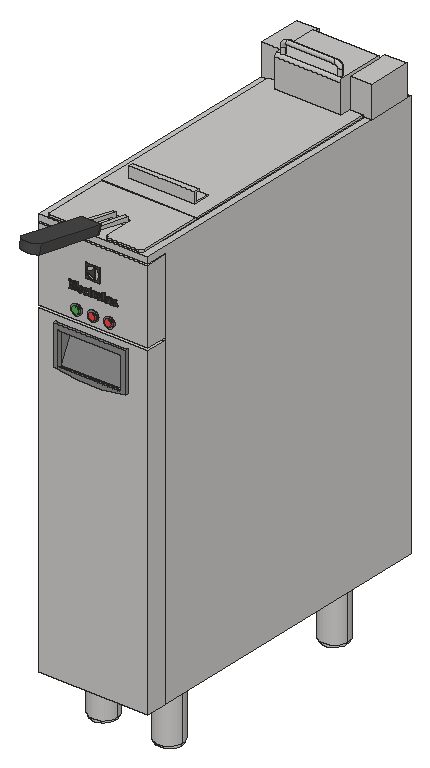
Revit family "QF_ELECTROLUXPROFESSIONAL_285563_EXFREB1BWF", category Specialty Equipment, Revit 2018
Family settings
  Round Connector Dimension = Use Diameter
  Part Type = Normal
  Work Plane-Based = No
  Always vertical = Yes
  Cut with Voids When Loaded = No
  Shared = No
  Room Calculation Point = No
Parameters
  Weight = 0.00 kg
  Watts = 0 W
  Volts = 380 V
  URL Manufacturer = "http://professional.electrolux.com/"
  URL = "http://professional.electrolux.com/"
  Steam Supply Size = 0"
  Steam Supply Minimum Pressure = 0.00 psi
  Steam Supply Maximum Pressure = 0.00 psi
  Steam Pounds per Hour = 0
  Show Logo [instance] = yes
  Show Clearance [instance] = yes
  Refrigeration Suction Line Size = 0"
  Refrigeration Liquid Line Size = 0"
  Refrigerant Compressor Remote = yes
  Phase = 0
  Model = "EXFREB1BWF"
  Manufacturer = "Electrolux"
  Length Actual = 200 mm  # constant formula
  Item Number = "285563"
  Hot Water Size = 0"
  Height Actual = 930 mm  # constant formula
  HP = "9.9 HP"
  Gas Size = 0"
  Gas KW = 0
  Gas Input Pressure = 0.0 Btu/h
  Direct Waste Size = 0"
  Description = "9LT EL.FRYER-1WELL+1BASKET-415V"
  Depth Actual = 600 mm  # constant formula
  Cycle = 0 Hz
  Condensate Return Size = 0"
  Compressed Air Volume = 0 GPM
  Compressed Air Size = 0"
  Compressed Air Pressure = 0.00 psi
  Cold Water Size = 0"
  Accessory = yes
Reference planes
  plane 1 "BACK": y = 0
  plane 2: z = 0
  plane 3 "LEFT": x = 0
  plane 4 "RIGHT": x = 200
  plane 5 "FRONT": y = -600
  plane 6 "TOP": z = 907
  plane 7 "Center Y": x = 100
  plane 8 "Center X": y = -300
  plane 9 "TOP A": z = 850
  plane 10: z = 100
  plane 11: y = -124
  plane 12: y = -501
  plane 13: y = -943
  plane 14: x = 160
  plane 15: x = 40
  plane 16: z = 915.999
  plane 17: z = 935
  plane 18: x = 155
  plane 19: y = -781
  plane 20: y = -755
  plane 21: y = 95
  plane 22: z = 700
  plane 23: x = 40
  plane 24: z = 935
Forms (mm)
  Extrusion 1, solid, material "QF_Finishes_Stainless Steel"
    sketch origin (0, 0, 0) x (0, 1, 0) y (0, 0, 1)
      loop
        line (0, 850) -> (-600, 850) -> (-600, 838.077) -> (-560.15, 838.077) -> (-560.15, 100) -> (0, 100) -> (0, 850)
      loop
        line (-600, 695) -> (-600, 100) -> (-561.737, 100) -> (-561.737, 695) -> (-600, 695)
      loop
        line (-561.737, 700) -> (-561.737, 835) -> (-600, 835) -> (-600, 700) -> (-561.737, 700)
    from 0 to 200
  Extrusion 2, void
    sketch origin (0, 0, 850) x (-1, 0, 0) y (0, -1, 0)
      loop
        line (-10.5, 88.124) -> (-10.5, 550.573) -> (-189.691, 550.573) -> (-189.691, 88.124) -> (-10.5, 88.124)
    from 0 to -150
  Extrusion 3, solid, material "QF_Clearances", visible <- "Show Clearance", detail levels coarse
    sketch origin (0, 0, 0) x (1, 0, 0) y (0, 1, 0)
      loop
        line (0, 0) -> (200, 0) -> (200, 95) -> (0, 95) -> (0, 0)
    from 0 to 907
  Extrusion 4, solid, material "QF_Door-Drawer Clearances", visible <- "Show Clearance", detail levels coarse
    sketch origin (0, 0, 850) x (-1, 0, 0) y (0, -1, 0)
      loop
        line (-190.5, 600) -> (-9.5, 600)
        arc (-9.5, 600) -> (-62.514, 727.986) -> (-190.5, 781) r 181
        line (-190.5, 781) -> (-190.5, 600)
    from -750 to -155
  Extrusion 5, solid, material "QF_Finishes_Stainless Steel"
    sketch origin (100, -139.304, 888.806) x (0, 1, 0) y (-1, 0, 0)
      loop
        line (49.304, 100) -> (49.304, 60) -> (129.304, 60) -> (129.304, 100) -> (49.304, 100)
      loop
        line (49.304, -100) -> (129.304, -100) -> (129.304, -60) -> (49.304, -60) -> (49.304, -100)
    from -38.806 to 18.194
  Revolve 6, solid, material "QF_Finishes_Stainless Steel"
    sketch origin (0, -501, 608.09) x (0, 0, 1) y (1, 0, 0)
      loop
        line (-608.09, 40) -> (-608.09, 17.609) -> (-603.09, 17.609) -> (-603.09, 15) -> (-508.09, 15) -> (-508.09, 40) -> (-608.09, 40)
      axis (-608.09, 40) -> (-508.09, 40)
    angle from 0 to 360
  Extrusion 7, solid, material "QF_Finishes_Stainless Steel"
    sketch origin (0, 600, 100) x (-1, 0, 0) y (0, 1, 0)
      loop
        circle (-155, -650) r 6.35
    from 0 to 8
  Revolve 8, solid, material "QF_Finishes_Stainless Steel"
    sketch origin (200, -501, 608.09) x (0, 0, 1) y (1, 0, 0)
      loop
        line (-608.09, -40) -> (-508.09, -40) -> (-508.09, -15) -> (-603.09, -15) -> (-603.09, -17.609) -> (-608.09, -17.609) -> (-608.09, -40)
      axis (-608.09, -40) -> (-508.09, -40)
    angle from 0 to 360
  Revolve 9, solid, material "QF_Finishes_Stainless Steel"
    sketch origin (0, -124, 608.09) x (0, 0, 1) y (-1, 0, 0)
      loop
        line (-608.09, -40) -> (-508.09, -40) -> (-508.09, -15) -> (-603.09, -15) -> (-603.09, -17.609) -> (-608.09, -17.609) -> (-608.09, -40)
      axis (-608.09, -40) -> (-508.09, -40)
    angle from 0 to 360
  Revolve 10, solid, material "QF_Finishes_Stainless Steel"
    sketch origin (200, -124, 608.09) x (0, 0, 1) y (-1, 0, 0)
      loop
        line (-608.09, 40) -> (-608.09, 17.609) -> (-603.09, 17.609) -> (-603.09, 15) -> (-508.09, 15) -> (-508.09, 40) -> (-608.09, 40)
      axis (-608.09, 40) -> (-508.09, 40)
    angle from 0 to 360
  Extrusion 11, void
    sketch origin (0, 0, 0) x (0, 1, 0) y (0, 0, 1)
      loop
        line (-600, 615) -> (-570, 675) -> (-600, 675) -> (-600, 615)
    from 40 to 155
  Extrusion 12, solid, material "QF_Finishes_grey"
    sketch origin (0, -600, 695) x (0, 0, -1) y (1, 0, 0)
      loop
        line (20, 40) -> (80, 40) -> (80, 155) -> (20, 155) -> (20, 40)
      loop
        line (10, 32) -> (82.581, 32)
        arc (82.581, 32) -> (90.011, 97.5) -> (82.581, 163) r 292.45
        line (82.581, 163) -> (10, 163) -> (10, 32)
    from 0 to 5
  Extrusion 13, solid, material "QF_Finishes_Red"
    sketch origin (39.327, -600, 649.266) x (0, 0, 1) y (-1, 0, 0)
      loop
        circle (68.272, -60.648) r 6.35
    from 0 to 3.175
  Extrusion 14, solid, material "QF_Finishes_grey"
    sketch origin (0, -600, 700) x (0, 0, 1) y (-1, 0, 0)
      loop
        circle (17.537, -99.975) r 6.35
      loop
        circle (17.537, -99.975) r 9.35
    from 0 to 1.394
  Extrusion 15, solid, material "QF_Finishes_Red"
    sketch origin (69.327, -600, 649.266) x (0, 0, 1) y (-1, 0, 0)
      loop
        circle (68.272, -60.648) r 6.35
    from 0 to 3.175
  Extrusion 16, solid, material "QF_Finishes_grey"
    sketch origin (30, -600, 700) x (0, 0, 1) y (-1, 0, 0)
      loop
        circle (17.537, -99.975) r 6.35
      loop
        circle (17.537, -99.975) r 9.35
    from 0 to 1.394
  Extrusion 17, solid, material "QF_Finishes_Green"
    sketch origin (9.327, -600, 649.266) x (0, 0, 1) y (-1, 0, 0)
      loop
        circle (68.272, -60.648) r 6.35
    from 0 to 3.175
  Extrusion 18, solid, material "QF_Finishes_grey"
    sketch origin (-30, -600, 700) x (0, 0, 1) y (-1, 0, 0)
      loop
        circle (17.537, -99.975) r 6.35
      loop
        circle (17.537, -99.975) r 9.35
    from 0 to 1.394
  Extrusion 19, solid, material "QF_Finishes_Black", visible <- "Show Logo"
    sketch origin (-109.987, -600, 729.585) x (0, 0, 1) y (-1, 0, 0)
      loop
        arc (33.355, -167.066) -> (33.007, -166.709) -> (32.64, -167.047) r 0.358
        arc (32.64, -167.047) -> (32.326, -167.797) -> (31.609, -168.182) r 1.216
        line (31.609, -168.182) -> (21.197, -168.182)
        arc (21.197, -168.182) -> (20.537, -167.904) -> (20.141, -167.308) r 1.238
        arc (20.141, -167.308) -> (19.746, -167.057) -> (19.44, -167.411) r 0.358
        line (19.44, -167.411) -> (19.44, -177.29) -> (22.191, -177.29) -> (22.191, -176.393)
        arc (22.191, -176.393) -> (21.282, -175.813) -> (20.827, -174.836) r 1.928
        line (20.827, -174.836) -> (20.827, -172.337)
        arc (20.827, -172.337) -> (21.102, -171.608) -> (21.791, -171.244) r 1.101
        line (21.791, -171.244) -> (25.877, -171.244) -> (25.877, -174.917)
        arc (25.877, -174.917) -> (25.525, -175.414) -> (24.959, -175.642) r 1.083
        arc (24.959, -175.642) -> (24.696, -175.948) -> (24.988, -176.226) r 0.292
        line (24.988, -176.226) -> (27.95, -176.226)
        arc (27.95, -176.226) -> (28.253, -175.953) -> (28.014, -175.623) r 0.305
        arc (28.014, -175.623) -> (27.524, -175.375) -> (27.219, -174.917) r 1.083
        line (27.219, -174.917) -> (27.219, -171.244) -> (31.896, -171.244) -> (31.896, -174.991)
        arc (31.896, -174.991) -> (31.682, -175.747) -> (31.075, -176.245) r 1.314
        arc (31.075, -176.245) -> (30.856, -176.649) -> (31.211, -176.941) r 0.361
        line (31.211, -176.941) -> (33.355, -176.941) -> (33.355, -167.066)
      loop
        arc (32.638, -177.722) -> (32.257, -178.641) -> (31.339, -179.021) r 1.299
        line (31.339, -179.021) -> (21.76, -179.021)
        arc (21.76, -179.021) -> (20.922, -178.643) -> (20.65, -177.765) r 1.118
        line (20.65, -177.765) -> (19.44, -177.765) -> (19.44, -183.115) -> (20.629, -183.115)
        arc (20.629, -183.115) -> (20.9, -182.198) -> (21.77, -181.802) r 1.153
        line (21.77, -181.802) -> (33.843, -181.802) -> (32.638, -177.722)
      loop
        line (24.405, -185.751) -> (24.405, -192.198) -> (25.204, -192.198)
        arc (25.204, -192.198) -> (27.785, -191.214) -> (29.053, -188.76) r 3.874
        line (29.053, -188.76) -> (29.053, -187)
        arc (29.053, -187) -> (27.867, -184.135) -> (25.002, -182.949) r 4.051
        line (25.002, -182.949) -> (22.994, -182.949)
        arc (22.994, -182.949) -> (20.176, -184.434) -> (19.124, -187.441) r 4.352
        arc (19.124, -187.441) -> (19.489, -189.904) -> (20.866, -191.978) r 5.713
        line (20.866, -191.978) -> (21.815, -191.978)
        arc (21.815, -191.978) -> (21.082, -190.409) -> (20.866, -188.691) r 5.579
        arc (20.866, -188.691) -> (21.66, -186.728) -> (23.539, -185.751) r 3.057
        line (23.539, -185.751) -> (24.405, -185.751)
      loop
        line (25.665, -185.751) -> (25.665, -189.333)
        arc (25.665, -189.333) -> (27.121, -189.38) -> (28.004, -188.221) r 1.59
        line (28.004, -188.221) -> (28.004, -187.391)
        arc (28.004, -187.391) -> (27.14, -186.136) -> (25.665, -185.751) r 2.184
      loop
        arc (28.455, -201.616) -> (28.944, -199.942) -> (29.102, -198.205) r 9.023
        line (29.102, -198.205) -> (29.102, -196.843)
        arc (29.102, -196.843) -> (27.942, -194.043) -> (25.143, -192.883) r 3.959
        line (25.143, -192.883) -> (22.543, -192.883)
        arc (22.543, -192.883) -> (20.261, -194.176) -> (19.143, -196.548) r 4.331
        line (19.143, -196.548) -> (19.143, -198.684)
        arc (19.143, -198.684) -> (19.652, -200.234) -> (20.573, -201.58) r 5.772
        arc (20.573, -201.58) -> (21.335, -201.631) -> (21.422, -200.872) r 0.553
        arc (21.422, -200.872) -> (21.034, -200.138) -> (20.9, -199.319) r 2.573
        line (20.9, -199.319) -> (20.9, -197.804)
        arc (20.9, -197.804) -> (21.906, -196.162) -> (23.72, -195.52) r 2.884
        line (23.72, -195.52) -> (24.999, -195.52)
        arc (24.999, -195.52) -> (26.82, -196.08) -> (27.747, -197.745) r 2.554
        line (27.747, -197.745) -> (27.747, -198.798)
        arc (27.747, -198.798) -> (27.415, -199.726) -> (26.758, -200.461) r 2.564
        arc (26.758, -200.461) -> (26.537, -201.178) -> (27.146, -201.616) r 0.643
        line (27.146, -201.616) -> (28.455, -201.616)
      loop
        line (27.437, -201.886) -> (27.437, -203.387) -> (21.389, -203.387)
        arc (21.389, -203.387) -> (19.801, -204.045) -> (19.143, -205.633) r 2.246
        line (19.143, -205.633) -> (19.143, -207.217)
        arc (19.143, -207.217) -> (19.457, -208.081) -> (19.958, -208.853) r 4.06
        arc (19.958, -208.853) -> (20.69, -208.986) -> (20.942, -208.285) r 0.576
        arc (20.942, -208.285) -> (20.836, -207.759) -> (20.9, -207.227) r 1.69
        arc (20.9, -207.227) -> (21.441, -206.439) -> (22.348, -206.136) r 1.506
        line (22.348, -206.136) -> (27.486, -206.136) -> (27.486, -208.533) -> (28.042, -209.089) -> (28.864, -209.089) -> (28.864, -206.23) -> (32.095, -206.23) -> (27.437, -201.886)
      loop
        line (19.361, -209.987) -> (19.361, -215.374) -> (20.471, -215.374)
        arc (20.471, -215.374) -> (20.865, -214.423) -> (21.816, -214.029) r 1.345
        line (21.816, -214.029) -> (25.432, -214.029)
        arc (25.432, -214.029) -> (26.197, -214.621) -> (26.486, -215.543) r 1.615
        line (26.486, -215.543) -> (26.486, -217.099) -> (29.042, -217.784) -> (29.042, -216.401) -> (27.099, -213.842) -> (28.98, -213.842) -> (28.695, -211.136)
        arc (28.695, -211.136) -> (28.256, -210.606) -> (27.597, -210.807) r 0.621
        arc (27.597, -210.807) -> (27.197, -211.149) -> (26.703, -211.332) r 1.501
        line (26.703, -211.332) -> (21.816, -211.332)
        arc (21.816, -211.332) -> (20.865, -210.938) -> (20.471, -209.987) r 1.345
        line (20.471, -209.987) -> (19.361, -209.987)
      loop
        line (25.463, -217.321) -> (22.771, -217.321)
        arc (22.771, -217.321) -> (20.325, -218.629) -> (19.191, -221.159) r 4.288
        arc (19.191, -221.159) -> (19.128, -222.54) -> (19.191, -223.92) r 15.022
        arc (19.191, -223.92) -> (20.325, -226.451) -> (22.771, -227.758) r 4.288
        line (22.771, -227.758) -> (25.463, -227.758)
        arc (25.463, -227.758) -> (27.908, -226.451) -> (29.042, -223.92) r 4.288
        arc (29.042, -223.92) -> (29.106, -222.54) -> (29.042, -221.159) r 15.022
        arc (29.042, -221.159) -> (27.908, -218.629) -> (25.463, -217.321) r 4.288
      loop
        line (25.668, -220.435) -> (22.566, -220.435)
        arc (22.566, -220.435) -> (20.409, -222.592) -> (22.566, -224.749) r 2.157
        line (22.566, -224.749) -> (25.668, -224.749)
        arc (25.668, -224.749) -> (27.824, -222.592) -> (25.668, -220.435) r 2.157
      loop
        arc (32.648, -227.616) -> (32.278, -228.51) -> (31.384, -228.881) r 1.264
        line (31.384, -228.881) -> (21.52, -228.881)
        arc (21.52, -228.881) -> (20.65, -228.484) -> (20.378, -227.568) r 1.153
        line (20.378, -227.568) -> (19.44, -227.568) -> (19.44, -232.676) -> (20.369, -232.676)
        arc (20.369, -232.676) -> (20.728, -231.904) -> (21.52, -231.589) r 1.153
        line (21.52, -231.589) -> (33.843, -231.589) -> (32.648, -227.616)
      loop
        arc (27.769, -232.214) -> (27.569, -233.278) -> (26.6, -233.76) r 1.215
        line (26.6, -233.76) -> (21.58, -233.76)
        arc (21.58, -233.76) -> (19.966, -234.407) -> (19.245, -235.99) r 2.338
        line (19.245, -235.99) -> (19.245, -237.505)
        arc (19.245, -237.505) -> (19.419, -238.509) -> (19.922, -239.395) r 2.979
        line (19.922, -239.395) -> (19.44, -241.192) -> (19.44, -242.88) -> (28.866, -242.88) -> (28.572, -238.677) -> (27.786, -238.677)
        arc (27.786, -238.677) -> (27.43, -239.513) -> (26.678, -240.022) r 1.605
        line (26.678, -240.022) -> (21.575, -240.022)
        arc (21.575, -240.022) -> (21.154, -239.085) -> (21.082, -238.061) r 2.94
        arc (21.082, -238.061) -> (21.643, -236.96) -> (22.796, -236.517) r 1.724
        line (22.796, -236.517) -> (28.992, -236.517) -> (27.769, -232.214)
      loop
        line (28.797, -243.734) -> (27.125, -245.78) -> (23.951, -248.086) -> (20.494, -244.974)
        arc (20.494, -244.974) -> (20.257, -244.58) -> (20.28, -244.121) r 0.789
        line (20.28, -244.121) -> (19.44, -244.121) -> (19.44, -247.666) -> (20.267, -247.666)
        arc (20.267, -247.666) -> (20.609, -247.304) -> (21.099, -247.396) r 0.52
        line (21.099, -247.396) -> (22.899, -248.867) -> (20.781, -250.243)
        arc (20.781, -250.243) -> (20.38, -249.933) -> (20.293, -249.433) r 0.7
        line (20.293, -249.433) -> (19.44, -249.433) -> (19.44, -255.36) -> (20.327, -255.36)
        arc (20.327, -255.36) -> (20.394, -254.701) -> (20.789, -254.17) r 1.247
        line (20.789, -254.17) -> (24.989, -250.889) -> (27.436, -252.942) -> (28.797, -254.684) -> (28.797, -250.96) -> (27.312, -251.383) -> (25.79, -250.106) -> (27.491, -248.916) -> (28.797, -249.692) -> (28.797, -243.734)
      loop
        line (70.086, -213.413) -> (47.032, -213.413)
        arc (47.032, -213.413) -> (58.559, -221.935) -> (70.086, -213.413) r 12.057
      loop
        arc (70.086, -212.24) -> (67.907, -202.653) -> (59.227, -198.033) r 11.816
        line (59.227, -198.033) -> (59.227, -201.847)
        arc (59.227, -201.847) -> (61.993, -208.661) -> (68.417, -212.24) r 11.075
        line (68.417, -212.24) -> (70.086, -212.24)
      loop
        arc (48.441, -212.24) -> (54.864, -208.661) -> (57.63, -201.847) r 11.075
        line (57.63, -201.847) -> (57.63, -198.058)
        arc (57.63, -198.058) -> (49.006, -202.72) -> (46.669, -212.24) r 12.096
        line (46.669, -212.24) -> (48.441, -212.24)
      loop
        line (71.344, -197.158) -> (45.722, -197.158) -> (45.722, -222.815) -> (71.344, -222.815) -> (71.344, -197.158)
    from 0 to 1.644
  Sweep 20, solid, material "QF_Finishes_Stainless Steel"
    path origin (-1.25, 52.5, 0) x (1, 0, 0) y (0, 0, 1)
      loop
        line (51.187, 910.561) -> (51.187, 921.65)
        arc (51.187, 921.65) -> (53.047, 926.14) -> (57.537, 928) r 6.35
        line (57.537, 928) -> (145.725, 928)
        arc (145.725, 928) -> (149.508, 926.433) -> (151.075, 922.65) r 5.35
        line (151.075, 922.65) -> (151.075, 910.561)
    profile origin (49.937, 52.5, 916.105) x (-1, 0, 0) y (0, -1, 0)
      loop
        circle (2.09, 153.254) r 3.827
  Extrusion 21, solid, material "QF_Finishes_Stainless Steel"
    sketch origin (0, 65, 0) x (0, 1, 0) y (0, 0, 1)
      loop
        line (-88.124, 910.561) -> (-170, 910.561)
        arc (-170, 910.561) -> (-173.536, 909.096) -> (-175, 905.561) r 5
        line (-175, 905.561) -> (-175, 850) -> (-88.124, 850) -> (-88.124, 910.561)
    from 40 to 160
  Extrusion 22, solid, material "QF_Finishes_Mesh"
    sketch origin (178.262, -64.779, 844.25) x (-1, 0, 0) y (0, -1, 0)
      loop
        arc (123.4, 118.481) -> (141.36, 125.92) -> (148.8, 143.881) r 25.4
        line (148.8, 143.881) -> (148.8, 376.11)
        arc (148.8, 376.11) -> (141.36, 394.071) -> (123.4, 401.51) r 25.4
        line (123.4, 401.51) -> (33.125, 401.51)
        arc (33.125, 401.51) -> (15.164, 394.071) -> (7.725, 376.11) r 25.4
        line (7.725, 376.11) -> (7.725, 143.881)
        arc (7.725, 143.881) -> (15.164, 125.92) -> (33.125, 118.481) r 25.4
        line (33.125, 118.481) -> (123.4, 118.481)
      loop
        arc (123.4, 121.656) -> (139.115, 128.165) -> (145.625, 143.881) r 22.225
        line (145.625, 143.881) -> (145.625, 376.11)
        arc (145.625, 376.11) -> (139.115, 391.826) -> (123.4, 398.335) r 22.225
        line (123.4, 398.335) -> (33.125, 398.335)
        arc (33.125, 398.335) -> (17.409, 391.826) -> (10.9, 376.11) r 22.225
        line (10.9, 376.11) -> (10.9, 143.881)
        arc (10.9, 143.881) -> (17.409, 128.165) -> (33.125, 121.656) r 22.225
        line (33.125, 121.656) -> (123.4, 121.656)
    from -109 to -5.315
  Extrusion 23, solid, material "QF_Finishes_Black"
    sketch origin (234.175, -818.725, 918.681) x (0, 0.980628, -0.195878) y (-1, 0, 0)
      loop
        arc (79.035, 152.655) -> (68.808, 134.038) -> (79.035, 115.42) r 22.059
        line (79.035, 115.42) -> (214.834, 115.42)
        arc (214.834, 115.42) -> (217.308, 116.446) -> (218.334, 118.92) r 3.5
        line (218.334, 118.92) -> (218.334, 149.146)
        arc (218.334, 149.146) -> (217.306, 151.628) -> (214.824, 152.655) r 3.509
        line (214.824, 152.655) -> (79.035, 152.655)
    from -15.884 to 0
  Extrusion 24, solid, material "QF_Finishes_Stainless Steel"
    sketch origin (0, 0, 850) x (0, -1, 0) y (1, 0, 0)
      loop
        arc (90, 18.5) -> (91.464, 14.964) -> (95, 13.5) r 5
        line (95, 13.5) -> (472, 13.5) -> (472, 186.691) -> (95, 186.691)
        arc (95, 186.691) -> (91.464, 185.227) -> (90, 181.691) r 5
        line (90, 181.691) -> (90, 165)
        arc (90, 165) -> (91.464, 161.464) -> (95, 160) r 5
        line (95, 160) -> (110, 160) -> (110, 40) -> (95, 40)
        arc (95, 40) -> (91.464, 38.536) -> (90, 35) r 5
        line (90, 35) -> (90, 18.5)
      loop
        line (473, 186.691) -> (473, 13.5) -> (592, 13.5)
        arc (592, 13.5) -> (595.536, 14.964) -> (597, 18.5) r 5
        line (597, 18.5) -> (597, 75.55)
        arc (597, 75.55) -> (595.536, 79.086) -> (592, 80.55) r 5
        line (592, 80.55) -> (543.238, 80.55)
        arc (543.238, 80.55) -> (539.703, 82.014) -> (538.238, 85.55) r 5
        line (538.238, 85.55) -> (538.238, 114.641)
        arc (538.238, 114.641) -> (539.703, 118.177) -> (543.238, 119.641) r 5
        line (543.238, 119.641) -> (592, 119.641)
        arc (592, 119.641) -> (595.536, 121.106) -> (597, 124.641) r 5
        line (597, 124.641) -> (597, 181.691)
        arc (597, 181.691) -> (595.536, 185.227) -> (592, 186.691) r 5
        line (592, 186.691) -> (473, 186.691)
    from 0 to 3
  Extrusion 25, solid, material "QF_Finishes_Stainless Steel"
    sketch origin (166.074, -30.154, 119.93) x (0, 0.984808, 0.173648) y (0, -0.173648, 0.984808)
      loop
        line (-380.327, 769.003) -> (-372.194, 815.127) -> (-436.107, 840.041) -> (-438.413, 834.124) -> (-379.351, 811.102) -> (-387.692, 763.803) -> (-308.907, 749.911) -> (-307.796, 756.214) -> (-380.327, 769.003)
    from -80.476 to -74.619
  Extrusion 26, solid, material "QF_Finishes_Stainless Steel"
    sketch origin (34.2, -30.154, 119.93) x (0, 0.984808, 0.173648) y (0, 0.173648, -0.984808)
      loop
        line (-372.194, -815.127) -> (-380.327, -769.003) -> (-307.796, -756.214) -> (-308.907, -749.911) -> (-387.692, -763.803) -> (-379.351, -811.102) -> (-438.413, -834.124) -> (-436.107, -840.041) -> (-372.194, -815.127)
    from -80.476 to -74.619
  Extrusion 27, solid, material "QF_Finishes_Stainless Steel"
    sketch origin (13.5, -88.124, 850) x (0, -1, 0) y (0, 0, 1)
      loop
        line (354.876, 3) -> (354.876, 23) -> (346.126, 23) -> (346.126, 20) -> (351.876, 20) -> (351.876, 5) -> (324.876, 5) -> (324.876, 3) -> (354.876, 3)
    from -26.5 to -146.5
Cuts and joins
  Extrusion 2, Extrusion 11 cuts Extrusion 1
  Extrusion 11 cuts Extrusion 4
Lines and regions (mm)
  symbolic lines, style "QF_Clearances", visible <- "Show Clearance", detail levels coarse
    curve 1: line (200, 95, 850) -> (0, 95, 850)
  symbolic lines
    curve 2: line (0, -600, 850) -> (0, 0, 850)
    curve 3: line (190.5, -90, 850) -> (190.5, -600, 850)
    curve 4: line (11.548, -90, 850) -> (11.548, -597, 850)
    curve 5: line (11.548, -597, 850) -> (75.55, -597, 850)
    curve 6: line (124.641, -597, 850) -> (188.452, -597, 850)
    curve 7: line (188.452, -597, 850) -> (188.452, -90, 850)
    curve 8: line (200, -90, 850) -> (160, -90, 850)
    curve 9: line (200, -600, 850) -> (0, -600, 850)
    curve 11: line (40, -23.124, 850) -> (40, -110, 850)
    curve 12: line (40, -110, 850) -> (160, -110, 850)
    curve 13: line (160, -110, 850) -> (160, -23.124, 850)
    curve 14: line (40, -23.124, 850) -> (160, -23.124, 850)
    curve 15: line (40, -88.124, 850) -> (160, -88.124, 850)
    curve 16: line (40, -90, 850) -> (0, -90, 850)
    curve 17: line (0, 0, 850) -> (200, 0, 850)
    curve 19: line (47.824, -96.927, 850) -> (151.941, -96.927, 850)
    curve 20: line (151.941, -104.585, 850) -> (47.824, -104.585, 850)
    curve 21: arc (151.941, -96.927, 850) -> (155.77, -100.756, 850) -> (151.941, -104.585, 850) r 3.829
    curve 22: arc (47.824, -96.927, 850) -> (43.995, -100.756, 850) -> (47.824, -104.585, 850) r 3.829
    curve 23: line (40, -23.124, 0) -> (40, -10, 0)
    curve 24: line (40, -10, 0) -> (0, -10, 0)
    curve 25: line (0, -10, 0) -> (0, -90, 0)
    curve 26: line (160, -23.124, 0) -> (160, -10, 0)
    curve 27: line (160, -10, 0) -> (200, -10, 0)
    curve 28: line (200, 0, 0) -> (200, -600, 0)
    curve 29: arc (119.641, -592, 0) -> (121.106, -595.536, 0) -> (124.641, -597, 0) r 5
    curve 30: line (119.641, -543.238, 0) -> (119.641, -592, 0)
    curve 31: arc (114.641, -538.238, 0) -> (118.177, -539.703, 0) -> (119.641, -543.238, 0) r 5
    curve 32: line (85.55, -538.238, 0) -> (114.641, -538.238, 0)
    curve 33: arc (80.55, -543.238, 0) -> (82.014, -539.703, 0) -> (85.55, -538.238, 0) r 5
    curve 34: line (80.55, -592, 0) -> (80.55, -543.238, 0)
    curve 35: arc (75.55, -597, 0) -> (79.086, -595.536, 0) -> (80.55, -592, 0) r 5
    curve 36: line (81.52, -608.062, 0) -> (81.52, -744.332, 0)
    curve 37: spline (85.029, -604.621, 0) -> (84.571, -604.65, 0) -> (84.121, -604.738, 0) -> (83.686, -604.883, 0) -> (83.274, -605.082, 0) -> (82.893, -605.332, 0) -> (82.547, -605.628, 0) -> (82.245, -605.967, 0) -> (81.99, -606.341, 0) -> (81.787, -606.745, 0) -> (81.639, -607.171, 0) -> (81.55, -607.613, 0) -> (81.52, -608.062, 0)
    curve 38: line (115.255, -604.621, 0) -> (85.029, -604.621, 0)
    curve 39: spline (118.755, -608.053, 0) -> (118.725, -607.605, 0) -> (118.635, -607.164, 0) -> (118.488, -606.739, 0) -> (118.286, -606.337, 0) -> (118.031, -605.963, 0) -> (117.729, -605.626, 0) -> (117.385, -605.33, 0) -> (117.005, -605.08, 0) -> (116.594, -604.882, 0) -> (116.16, -604.738, 0) -> (115.711, -604.65, 0) -> (115.255, -604.621, 0)
    curve 40: line (118.755, -744.332, 0) -> (118.755, -608.053, 0)
    curve 41: spline (118.755, -744.332, 0) -> (116.522, -747.213, 0) -> (113.832, -749.688, 0) -> (110.758, -751.689, 0) -> (107.387, -753.16, 0) -> (103.814, -754.059, 0) -> (100.137, -754.361, 0) -> (96.461, -754.059, 0) -> (92.887, -753.16, 0) -> (89.516, -751.689, 0) -> (86.443, -749.688, 0) -> (83.752, -747.213, 0) -> (81.52, -744.332, 0)
    curve 42: line (13.5, -592, 0) -> (13.5, -473, 0)
    curve 43: line (13.5, -473, 0) -> (186.691, -473, 0)
    curve 44: line (186.691, -473, 0) -> (186.691, -592, 0)
    curve 45: arc (181.691, -597, 0) -> (185.227, -595.536, 0) -> (186.691, -592, 0) r 5
    curve 46: arc (13.5, -592, 0) -> (14.964, -595.536, 0) -> (18.5, -597, 0) r 5
    curve 47: line (13.5, -472, 0) -> (186.691, -472, 0)
    curve 48: line (186.691, -472, 0) -> (186.691, -95, 0)
    curve 49: line (13.5, -95, 0) -> (13.5, -472, 0)
    curve 50: arc (40, -95, 0) -> (38.536, -91.464, 0) -> (35, -90, 0) r 5
    curve 51: arc (18.5, -90, 0) -> (14.964, -91.464, 0) -> (13.5, -95, 0) r 5
    curve 52: arc (165, -90, 0) -> (161.464, -91.464, 0) -> (160, -95, 0) r 5
    curve 53: arc (186.691, -95, 0) -> (185.227, -91.464, 0) -> (181.691, -90, 0) r 5
    curve 54: line (63.625, -600, 0) -> (63.625, -603.175, 0)
    curve 55: line (63.625, -603.175, 0) -> (76.325, -603.175, 0)
    curve 56: line (76.325, -603.175, 0) -> (76.325, -600, 0)
    curve 57: line (106.325, -603.175, 0) -> (106.325, -600, 0)
    curve 58: line (106.325, -603.175, 0) -> (93.625, -603.175, 0)
    curve 59: line (91.456, -538.238, 0) -> (91.456, -604.621, 0)
    curve 60: line (108.819, -538.238, 0) -> (108.819, -604.621, 0)
    curve 61: line (114.676, -538.238, 0) -> (114.676, -604.621, 0)
    curve 62: line (85.599, -538.238, 0) -> (85.599, -604.621, 0)
    curve 63: line (93.625, -603.175, 0) -> (93.625, -600, 0)
    curve 64: line (136.325, -603.175, 0) -> (123.625, -603.175, 0)
    curve 65: line (123.625, -603.175, 0) -> (123.625, -600, 0)
    curve 66: line (136.325, -603.175, 0) -> (136.325, -600, 0)
    curve 67: line (45, -413, 0) -> (155, -413, 0)
    curve 68: line (40, -443, 0) -> (40, -418, 0)
    curve 69: line (160, -443, 0) -> (40, -443, 0)
    curve 70: line (160, -418, 0) -> (160, -443, 0)
    curve 71: line (45, -434.25, 0) -> (155, -434.25, 0)
    curve 72: arc (40, -418, 0) -> (41.464, -414.464, 0) -> (45, -413, 0) r 5
    curve 73: arc (155, -413, 0) -> (158.536, -414.464, 0) -> (160, -418, 0) r 5
    curve 74: arc (40, -439.25, 0) -> (41.464, -435.714, 0) -> (45, -434.25, 0) r 5
    curve 75: arc (160, -439.25, 0) -> (158.536, -435.714, 0) -> (155, -434.25, 0) r 5
  symbolic lines, style "QF_Door-Drawer Clearances"
    curve 10: line (190.5, -781, 850) -> (190.5, -600, 850)
    curve 18: arc (9.5, -600, 0) -> (62.514, -727.986, 0) -> (190.5, -781, 0) r 181
Dimensions and locks
  equal spacing: plane 3 "LEFT", plane 7 "Center Y", plane 4 "RIGHT"
  plane 3 "LEFT" to plane 4 "RIGHT" = 200 mm
  equal spacing: plane 5 "FRONT", plane 8 "Center X", plane 1 "BACK"
  plane 5 "FRONT" to plane 1 "BACK" = 600 mm  (x2)
  plane 1 "BACK" to plane 5 "FRONT" = 600 mm
  plane 10 to level = 100 mm  (x2)
  plane 1 "BACK" to plane 11 = 124 mm
  plane 11 to plane 12 = 377 mm
  locked: plane 12 to cut or joined group of Extrusion 1, Extrusion 2, Extrusion 11 at 99
  locked: plane 13 to plane 5 "FRONT" at 343
  plane 4 "RIGHT" to plane 14 = 40 mm
  plane 15 to plane 3 "LEFT" = 40 mm
  plane 16 to plane 9 "TOP A" = 65.999 mm
  plane 9 "TOP A" to plane 17 = 85 mm
  plane 4 "RIGHT" to plane 3 "LEFT" = 200 mm
  plane 9 "TOP A" to plane 10 = 750 mm
  plane 6 "TOP" to level = 907 mm
  Extrusion 7 sketch curve to plane 1 "BACK" = 50 mm
  Extrusion 7 sketch curve to plane 4 "RIGHT" = 45 mm
  plane 10 to Extrusion 7 = 8 mm  (x2)
  plane 18 to plane 4 "RIGHT" = 45 mm
  plane 1 "BACK" to Extrusion 7 = 50 mm
  plane 5 "FRONT" to plane 19 = 181 mm
  plane 5 "FRONT" to plane 20 = 155 mm
  curve 1 to plane 1 "BACK" = 95 mm
  plane 9 "TOP A" to Extrusion 3 = 850 mm
  Revolve 6 sketch curve to Revolve 6 sketch curve = 25 mm
  Revolve 8 sketch curve to Revolve 8 sketch curve = 25 mm
  Revolve 9 sketch curve to Revolve 9 sketch curve = 25 mm
  Revolve 10 sketch curve to Revolve 10 sketch curve = 25 mm
  plane 1 "BACK" to plane 20 = 755 mm
  aligned and locked: level to plane 2
  aligned and locked: plane 4 "RIGHT" to Extrusion 1
  aligned and locked: plane 6 "TOP" to Extrusion 3
  aligned and locked: plane 6 "TOP" to Extrusion 5
  aligned and locked: plane 12 to Revolve 6
  aligned and locked: Extrusion 3 sketch curve to plane 21
  aligned and locked: Extrusion 3 to plane 3 "LEFT"
  aligned and locked: plane 4 "RIGHT" to Extrusion 3
  aligned and locked: Extrusion 2 to Extrusion 1
  aligned and locked: cut or joined group of Extrusion 1, Extrusion 2, Extrusion 11 to Extrusion 4
  aligned and locked: plane 15 to Revolve 6 sketch curve
  aligned and locked: Extrusion 11 sketch curve to plane 5 "FRONT"
  aligned and locked: Extrusion 5 sketch curve to Extrusion 5 sketch curve  (x2)
Automatic sketch dimensions
  Revolve 6 sketch curve to level = 0 mm
  Revolve 6 sketch curve to plane 10 = 0 mm  (x2)
  plane 15 to Revolve 6 sketch curve = 0 mm
  level to Revolve 6 sketch curve = 5 mm
  Revolve 6 sketch curve to Revolve 6 sketch curve = 2.609 mm
  plane 10 to Revolve 6 sketch curve = 20 mm
  Revolve 8 sketch curve to level = 0 mm
  Revolve 8 sketch curve to plane 10 = 0 mm  (x2)
  plane 14 to Revolve 8 sketch curve = 0 mm  (x2)
  level to Revolve 8 sketch curve = 5 mm
  Revolve 8 sketch curve to Revolve 8 sketch curve = 2.609 mm
  plane 10 to Revolve 8 sketch curve = 20 mm
  Revolve 9 sketch curve to level = 0 mm
  Revolve 9 sketch curve to plane 10 = 0 mm  (x2)
  Revolve 9 sketch curve to plane 15 = 0 mm  (x2)
  level to Revolve 9 sketch curve = 5 mm
  Revolve 9 sketch curve to Revolve 9 sketch curve = 2.609 mm
  plane 10 to Revolve 9 sketch curve = 20 mm
  Revolve 10 sketch curve to level = 0 mm
  Revolve 10 sketch curve to plane 10 = 0 mm  (x2)
  Revolve 10 sketch curve to plane 14 = 0 mm  (x2)
  level to Revolve 10 sketch curve = 5 mm
  Revolve 10 sketch curve to Revolve 10 sketch curve = 2.609 mm
  plane 10 to Revolve 10 sketch curve = 20 mm
  plane 9 "TOP A" to Sweep 20 sketch curve = 60.561 mm  (x2)
  plane 16 to Sweep 20 sketch curve = 5.651 mm
  plane 15 to Sweep 20 sketch curve = 9.937 mm
  plane 17 to Sweep 20 sketch curve = 7 mm
  plane 18 to Sweep 20 sketch curve = 10.525 mm
  plane 18 to Sweep 20 sketch curve = 5.175 mm
  Sweep 20 sketch curve to profile plane = 2.09 mm
  profile plane to Sweep 20 sketch curve = 153.254 mm
  Extrusion 23 sketch curve to plane 7 "Center Y" = 18.48 mm
  Extrusion 23 sketch curve to Extrusion 23 sketch curve = 0 mm
  plane 7 "Center Y" to Extrusion 23 sketch curve = 0.137 mm
  Extrusion 23 sketch curve to Extrusion 23 sketch curve = 11.832 mm
  Extrusion 23 sketch curve to plane 7 "Center Y" = 14.971 mm
  Extrusion 23 sketch curve to Extrusion 23 sketch curve = 123.958 mm
  Extrusion 23 sketch curve to Extrusion 23 sketch curve = 3.5 mm
  Extrusion 1 sketch curve to plane 5 "FRONT" = 0 mm  (x3)
  Extrusion 1 sketch curve to plane 22 = 0 mm
  Extrusion 1 sketch curve to plane 10 = 0 mm  (x2)
  Extrusion 1 sketch curve to plane 1 "BACK" = 0 mm
  Extrusion 1 sketch curve to plane 9 "TOP A" = 0 mm
  Extrusion 1 sketch curve to plane 9 "TOP A" = 15 mm
  Extrusion 1 sketch curve to plane 5 "FRONT" = 38.263 mm
  Extrusion 1 sketch curve to Extrusion 1 sketch curve = 0 mm
  Extrusion 1 sketch curve to Extrusion 1 sketch curve = 1.588 mm
  Extrusion 1 sketch curve to plane 22 = 5 mm
  Extrusion 1 sketch curve to Extrusion 1 sketch curve = 3.077 mm
  Extrusion 2 sketch curve to plane 4 "RIGHT" = 10.309 mm
  plane 3 "LEFT" to Extrusion 2 sketch curve = 10.5 mm
  Extrusion 2 sketch curve to plane 11 = 35.876 mm
  Extrusion 2 sketch curve to plane 5 "FRONT" = 49.427 mm
  Extrusion 3 sketch curve to plane 3 "LEFT" = 0 mm
  Extrusion 3 sketch curve to plane 4 "RIGHT" = 0 mm
  plane 1 "BACK" to Extrusion 3 sketch curve = 0 mm
  Extrusion 4 sketch curve to plane 19 = 0 mm
  plane 5 "FRONT" to Extrusion 4 sketch curve = 0 mm
  Extrusion 4 sketch curve to plane 4 "RIGHT" = 9.5 mm
  Extrusion 5 sketch curve to plane 3 "LEFT" = 0 mm
  Extrusion 5 sketch curve to plane 14 = 0 mm
  Extrusion 5 sketch curve to plane 15 = 0 mm
  Extrusion 5 sketch curve to plane 4 "RIGHT" = 0 mm
  Extrusion 5 sketch curve to plane 11 = 34 mm
  plane 1 "BACK" to Extrusion 5 sketch curve = 10 mm
  Extrusion 1 to Extrusion 11 sketch curve = 8.263 mm
  Extrusion 1 to Extrusion 11 sketch curve = 80 mm
  Extrusion 1 to Extrusion 11 sketch curve = 20 mm
  Extrusion 1 to Extrusion 12 sketch curve = 97.5 mm
  Extrusion 12 sketch curve to Extrusion 1 = 202.439 mm
  Extrusion 1 to Extrusion 12 sketch curve = 10 mm
  Extrusion 12 sketch curve to Extrusion 12 sketch curve = 10 mm
  Extrusion 12 sketch curve to Extrusion 12 sketch curve = 60 mm
  Extrusion 12 sketch curve to Extrusion 12 sketch curve = 2.581 mm  (x2)
  Extrusion 1 to Extrusion 12 sketch curve = 40 mm
  Extrusion 12 sketch curve to Extrusion 12 sketch curve = 8 mm  (x2)
  Extrusion 13 sketch curve to plane 7 "Center Y" = 0.025 mm
  plane 22 to Extrusion 13 sketch curve = 17.537 mm
  Extrusion 14 sketch curve to Extrusion 14 sketch curve = 0 mm  (x12)
  Extrusion 1 to Extrusion 14 sketch curve = 17.537 mm
  Extrusion 1 to Extrusion 14 sketch curve = 99.975 mm
  Extrusion 14 sketch curve to Extrusion 14 sketch curve = 6.35 mm
  Extrusion 14 sketch curve to Extrusion 14 sketch curve = 3 mm
  plane 22 to Extrusion 15 sketch curve = 17.537 mm
  plane 18 to Extrusion 15 sketch curve = 25.025 mm
  Extrusion 16 sketch curve to Extrusion 16 sketch curve = 0 mm  (x12)
  Extrusion 1 to Extrusion 16 sketch curve = 17.537 mm
  Extrusion 1 to Extrusion 16 sketch curve = 70.025 mm
  Extrusion 16 sketch curve to Extrusion 16 sketch curve = 6.35 mm
  Extrusion 16 sketch curve to Extrusion 16 sketch curve = 3 mm
  plane 22 to Extrusion 17 sketch curve = 17.537 mm
  plane 15 to Extrusion 17 sketch curve = 29.975 mm
  Extrusion 18 sketch curve to Extrusion 18 sketch curve = 0 mm  (x12)
  Extrusion 1 to Extrusion 18 sketch curve = 17.537 mm
  Extrusion 1 to Extrusion 18 sketch curve = 69.975 mm
  Extrusion 18 sketch curve to Extrusion 18 sketch curve = 6.35 mm
  Extrusion 18 sketch curve to Extrusion 18 sketch curve = 3 mm
  Extrusion 19 sketch curve to plane 7 "Center Y" = 0 mm
  plane 7 "Center Y" to Extrusion 19 sketch curve = 12.553 mm
  plane 22 to Extrusion 19 sketch curve = 43.669 mm
  Extrusion 19 sketch curve to plane 7 "Center Y" = 4.354 mm
  Extrusion 19 sketch curve to Extrusion 19 sketch curve = 5.06 mm
  Extrusion 19 sketch curve to Extrusion 19 sketch curve = 0 mm  (x17)
  Extrusion 19 sketch curve to Extrusion 19 sketch curve = 5.162 mm
  Extrusion 19 sketch curve to Extrusion 19 sketch curve = 0.218 mm
  Extrusion 19 sketch curve to Extrusion 19 sketch curve = 0.195 mm
  Extrusion 19 sketch curve to Extrusion 19 sketch curve = 0.297 mm
  Extrusion 19 sketch curve to Extrusion 19 sketch curve = 5.357 mm
  Extrusion 19 sketch curve to Extrusion 19 sketch curve = 0.358 mm
  plane 18 to Extrusion 19 sketch curve = 25.592 mm
  Extrusion 19 sketch curve to Extrusion 19 sketch curve = 0.481 mm
  Extrusion 19 sketch curve to Extrusion 19 sketch curve = 0.936 mm
  Extrusion 19 sketch curve to Extrusion 19 sketch curve = 0.826 mm
  Extrusion 19 sketch curve to Extrusion 19 sketch curve = 0.839 mm
  Extrusion 19 sketch curve to Extrusion 19 sketch curve = 0.852 mm
  Extrusion 19 sketch curve to Extrusion 19 sketch curve = 0.887 mm
  Extrusion 19 sketch curve to Extrusion 19 sketch curve = 0.928 mm
  Extrusion 19 sketch curve to Extrusion 19 sketch curve = 0.938 mm
  Extrusion 19 sketch curve to Extrusion 19 sketch curve = 1.259 mm
  Extrusion 19 sketch curve to Extrusion 19 sketch curve = 1.11 mm  (x3)
  plane 18 to Extrusion 19 sketch curve = 20.013 mm
  Extrusion 19 sketch curve to Extrusion 19 sketch curve = 0.215 mm
  Extrusion 19 sketch curve to Extrusion 19 sketch curve = 1.188 mm
  Extrusion 19 sketch curve to Extrusion 19 sketch curve = 1.21 mm  (x2)
  Extrusion 19 sketch curve to Extrusion 19 sketch curve = 0.503 mm
  plane 18 to Extrusion 19 sketch curve = 14.744 mm
  Extrusion 19 sketch curve to Extrusion 19 sketch curve = 0.488 mm
  plane 18 to Extrusion 19 sketch curve = 10.817 mm
  Extrusion 19 sketch curve to Extrusion 19 sketch curve = 0.462 mm
  Extrusion 19 sketch curve to Extrusion 19 sketch curve = 1.029 mm
  Extrusion 19 sketch curve to Extrusion 19 sketch curve = 1.723 mm
  Extrusion 19 sketch curve to Extrusion 19 sketch curve = 0.821 mm
  Extrusion 19 sketch curve to Extrusion 19 sketch curve = 0.199 mm
  Extrusion 19 sketch curve to Extrusion 19 sketch curve = 0.081 mm
  Extrusion 19 sketch curve to Extrusion 19 sketch curve = 0.743 mm
  plane 18 to Extrusion 19 sketch curve = 17.591 mm
  Extrusion 19 sketch curve to Extrusion 19 sketch curve = 0.329 mm
  Extrusion 19 sketch curve to Extrusion 19 sketch curve = 1.398 mm
  Extrusion 19 sketch curve to Extrusion 19 sketch curve = 0.129 mm
  Extrusion 19 sketch curve to Extrusion 19 sketch curve = 0.408 mm
  Extrusion 19 sketch curve to Extrusion 19 sketch curve = 1.141 mm  (x2)
  Extrusion 19 sketch curve to Extrusion 19 sketch curve = 1.151 mm
  Extrusion 19 sketch curve to Extrusion 19 sketch curve = 0.768 mm
  Extrusion 19 sketch curve to Extrusion 19 sketch curve = 1.653 mm
  Extrusion 19 sketch curve to Extrusion 19 sketch curve = 0.061 mm
  Extrusion 19 sketch curve to Extrusion 19 sketch curve = 0.964 mm
  Extrusion 19 sketch curve to Extrusion 19 sketch curve = 0.949 mm
  Extrusion 19 sketch curve to Extrusion 19 sketch curve = 1.345 mm  (x2)
  plane 7 "Center Y" to Extrusion 19 sketch curve = 1.345 mm
  Extrusion 19 sketch curve to Extrusion 19 sketch curve = 1.101 mm
  Extrusion 19 sketch curve to Extrusion 19 sketch curve = 0.432 mm
  Extrusion 19 sketch curve to Extrusion 19 sketch curve = 0.643 mm  (x2)
  Extrusion 19 sketch curve to Extrusion 19 sketch curve = 0.959 mm
  Extrusion 19 sketch curve to Extrusion 19 sketch curve = 0.176 mm
  Extrusion 19 sketch curve to Extrusion 19 sketch curve = 0.728 mm
  Extrusion 19 sketch curve to Extrusion 19 sketch curve = 1.046 mm
  Extrusion 19 sketch curve to Extrusion 19 sketch curve = 0.541 mm
  Extrusion 19 sketch curve to Extrusion 19 sketch curve = 1.251 mm
  Extrusion 19 sketch curve to Extrusion 19 sketch curve = 0.955 mm
  Extrusion 19 sketch curve to Extrusion 19 sketch curve = 0.572 mm
  plane 18 to Extrusion 19 sketch curve = 16.12 mm
  Extrusion 19 sketch curve to Extrusion 19 sketch curve = 1.92 mm
  Extrusion 19 sketch curve to Extrusion 19 sketch curve = 1.224 mm
  Extrusion 19 sketch curve to Extrusion 19 sketch curve = 0.745 mm
  Extrusion 19 sketch curve to Extrusion 19 sketch curve = 2.537 mm
  Extrusion 19 sketch curve to Extrusion 19 sketch curve = 0.896 mm  (x3)
  Extrusion 19 sketch curve to Extrusion 19 sketch curve = 0.036 mm  (x2)
  Extrusion 19 sketch curve to Extrusion 19 sketch curve = 0.479 mm
  Extrusion 19 sketch curve to Extrusion 19 sketch curve = 0.066 mm
  Extrusion 19 sketch curve to Extrusion 19 sketch curve = 0.248 mm
  Extrusion 19 sketch curve to Extrusion 19 sketch curve = 0.449 mm
  plane 18 to Extrusion 19 sketch curve = 16.901 mm
  Extrusion 19 sketch curve to Extrusion 19 sketch curve = 1.052 mm
  Extrusion 19 sketch curve to Extrusion 19 sketch curve = 0.866 mm
  Extrusion 19 sketch curve to Extrusion 19 sketch curve = 1.31 mm  (x2)
  Extrusion 19 sketch curve to Extrusion 19 sketch curve = 0.901 mm
  Extrusion 19 sketch curve to Extrusion 19 sketch curve = 1.107 mm
  Extrusion 19 sketch curve to Extrusion 19 sketch curve = 2.122 mm
  Extrusion 19 sketch curve to Extrusion 19 sketch curve = 2.101 mm
  Extrusion 19 sketch curve to Extrusion 19 sketch curve = 0.134 mm
  plane 18 to Extrusion 19 sketch curve = 14.098 mm
  Extrusion 19 sketch curve to Extrusion 19 sketch curve = 2.09 mm
  Extrusion 19 sketch curve to Extrusion 19 sketch curve = 1.279 mm
  Extrusion 19 sketch curve to Extrusion 19 sketch curve = 0.18 mm
  Extrusion 19 sketch curve to Extrusion 19 sketch curve = 0.316 mm
  Extrusion 19 sketch curve to Extrusion 19 sketch curve = 0.382 mm
  Extrusion 19 sketch curve to Extrusion 19 sketch curve = 0.384 mm
  Extrusion 19 sketch curve to Extrusion 19 sketch curve = 0.002 mm
  Extrusion 19 sketch curve to Extrusion 19 sketch curve = 0.561 mm
  Extrusion 19 sketch curve to Extrusion 19 sketch curve = 0.592 mm
  Extrusion 19 sketch curve to Extrusion 19 sketch curve = 2.692 mm
  Extrusion 19 sketch curve to Extrusion 19 sketch curve = 0.46 mm
  plane 18 to Extrusion 19 sketch curve = 14.881 mm
  Extrusion 19 sketch curve to Extrusion 19 sketch curve = 0.802 mm
  Extrusion 19 sketch curve to Extrusion 19 sketch curve = 1.024 mm  (x2)
  Extrusion 19 sketch curve to Extrusion 19 sketch curve = 0.682 mm
  Extrusion 19 sketch curve to Extrusion 19 sketch curve = 2.186 mm
  Extrusion 19 sketch curve to plane 7 "Center Y" = 0.132 mm
  Extrusion 19 sketch curve to Extrusion 19 sketch curve = 1.005 mm
  Extrusion 19 sketch curve to Extrusion 19 sketch curve = 0.552 mm
  Extrusion 19 sketch curve to Extrusion 19 sketch curve = 0.778 mm
  Extrusion 19 sketch curve to Extrusion 19 sketch curve = 1.023 mm
  Extrusion 19 sketch curve to Extrusion 19 sketch curve = 1.137 mm
  Extrusion 19 sketch curve to Extrusion 19 sketch curve = 0.486 mm
  Extrusion 19 sketch curve to Extrusion 19 sketch curve = 0.266 mm
  plane 7 "Center Y" to Extrusion 19 sketch curve = 3.855 mm
  Extrusion 19 sketch curve to Extrusion 19 sketch curve = 1.667 mm
  plane 18 to Extrusion 19 sketch curve = 19.207 mm
  Extrusion 19 sketch curve to Extrusion 19 sketch curve = 3.174 mm
  Extrusion 19 sketch curve to Extrusion 19 sketch curve = 1.935 mm
  Extrusion 19 sketch curve to Extrusion 19 sketch curve = 1.342 mm
  plane 18 to Extrusion 19 sketch curve = 13.604 mm
  Extrusion 19 sketch curve to Extrusion 19 sketch curve = 1.521 mm
  plane 18 to Extrusion 19 sketch curve = 12.045 mm
  Extrusion 19 sketch curve to Extrusion 19 sketch curve = 0.124 mm
  Extrusion 19 sketch curve to Extrusion 19 sketch curve = 0.291 mm
  Extrusion 19 sketch curve to Extrusion 19 sketch curve = 0.048 mm
  plane 18 to Extrusion 19 sketch curve = 16.071 mm
  Extrusion 19 sketch curve to Extrusion 19 sketch curve = 1.7 mm
  Extrusion 19 sketch curve to Extrusion 19 sketch curve = 2.534 mm
  plane 7 "Center Y" to Extrusion 19 sketch curve = 22.227 mm
  Extrusion 19 sketch curve to Extrusion 19 sketch curve = 1.168 mm
  Extrusion 19 sketch curve to Extrusion 19 sketch curve = 1.594 mm
  Extrusion 19 sketch curve to Extrusion 19 sketch curve = 0.731 mm
  Extrusion 19 sketch curve to Extrusion 19 sketch curve = 1.566 mm
  Extrusion 19 sketch curve to plane 7 "Center Y" = 0.897 mm
  Extrusion 19 sketch curve to Extrusion 19 sketch curve = 0.556 mm  (x2)
  Extrusion 19 sketch curve to Extrusion 19 sketch curve = 1.375 mm
  Extrusion 19 sketch curve to Extrusion 19 sketch curve = 1.018 mm
  plane 18 to Extrusion 19 sketch curve = 26.31 mm
  Extrusion 19 sketch curve to Extrusion 19 sketch curve = 0.787 mm
  plane 7 "Center Y" to Extrusion 19 sketch curve = 1.149 mm
  Extrusion 19 sketch curve to Extrusion 19 sketch curve = 0.618 mm
  plane 18 to Extrusion 19 sketch curve = 10.303 mm
  Extrusion 19 sketch curve to Extrusion 19 sketch curve = 1.361 mm
  Extrusion 19 sketch curve to Extrusion 19 sketch curve = 0.822 mm
  plane 18 to Extrusion 19 sketch curve = 22.106 mm
  Extrusion 19 sketch curve to Extrusion 19 sketch curve = 0.069 mm
  Extrusion 19 sketch curve to Extrusion 19 sketch curve = 1.88 mm
  Extrusion 19 sketch curve to Extrusion 19 sketch curve = 0.42 mm
  Extrusion 19 sketch curve to Extrusion 19 sketch curve = 0.062 mm
  Extrusion 19 sketch curve to Extrusion 19 sketch curve = 1.049 mm
  Extrusion 19 sketch curve to Extrusion 19 sketch curve = 1.355 mm
  Extrusion 19 sketch curve to Extrusion 19 sketch curve = 2.34 mm
  Extrusion 19 sketch curve to Extrusion 19 sketch curve = 0.629 mm
  Extrusion 19 sketch curve to Extrusion 19 sketch curve = 0.128 mm
  Extrusion 19 sketch curve to Extrusion 19 sketch curve = 3.616 mm
  Extrusion 19 sketch curve to Extrusion 19 sketch curve = 4.207 mm
  Extrusion 19 sketch curve to Extrusion 19 sketch curve = 0.183 mm
  Extrusion 19 sketch curve to Extrusion 19 sketch curve = 0.287 mm
  Extrusion 19 sketch curve to plane 7 "Center Y" = 3.757 mm
  Extrusion 19 sketch curve to Extrusion 19 sketch curve = 3.231 mm
  plane 15 to Extrusion 19 sketch curve = 27.735 mm
  Extrusion 19 sketch curve to Extrusion 19 sketch curve = 1.299 mm
  plane 7 "Center Y" to Extrusion 19 sketch curve = 17.63 mm
  Extrusion 19 sketch curve to Extrusion 19 sketch curve = 1.264 mm
  Extrusion 19 sketch curve to Extrusion 19 sketch curve = 1.571 mm
  Extrusion 19 sketch curve to Extrusion 19 sketch curve = 0.717 mm
  plane 7 "Center Y" to Extrusion 19 sketch curve = 21.602 mm
  Extrusion 19 sketch curve to Extrusion 19 sketch curve = 2.459 mm
  Extrusion 19 sketch curve to plane 7 "Center Y" = 28.185 mm
  Extrusion 19 sketch curve to Extrusion 19 sketch curve = 2.504 mm
  Extrusion 19 sketch curve to Extrusion 19 sketch curve = 1.502 mm
  Extrusion 19 sketch curve to Extrusion 19 sketch curve = 13.627 mm
  Extrusion 19 sketch curve to Extrusion 19 sketch curve = 0.846 mm
  plane 7 "Center Y" to Extrusion 19 sketch curve = 2.253 mm
  Extrusion 19 sketch curve to Extrusion 19 sketch curve = 0.947 mm
  Extrusion 19 sketch curve to Extrusion 19 sketch curve = 0.363 mm
  Extrusion 19 sketch curve to Extrusion 19 sketch curve = 1.772 mm
  Extrusion 19 sketch curve to plane 7 "Center Y" = 8.139 mm
  Extrusion 19 sketch curve to Extrusion 19 sketch curve = 11.063 mm
  Extrusion 19 sketch curve to plane 7 "Center Y" = 0.159 mm
  Extrusion 19 sketch curve to Extrusion 19 sketch curve = 0.889 mm
  Extrusion 19 sketch curve to Extrusion 19 sketch curve = 0.04 mm
  Extrusion 19 sketch curve to Extrusion 19 sketch curve = 0.018 mm
  Extrusion 19 sketch curve to Extrusion 19 sketch curve = 1.597 mm
  Extrusion 19 sketch curve to Extrusion 19 sketch curve = 1.669 mm
  Extrusion 19 sketch curve to Extrusion 19 sketch curve = 0.204 mm
  Extrusion 19 sketch curve to Extrusion 19 sketch curve = 1.054 mm
  Extrusion 19 sketch curve to Extrusion 19 sketch curve = 0.983 mm
  Extrusion 19 sketch curve to Extrusion 19 sketch curve = 0.422 mm  (x2)
  Extrusion 19 sketch curve to Extrusion 19 sketch curve = 1.268 mm
  Extrusion 19 sketch curve to Extrusion 19 sketch curve = 0.671 mm
  Extrusion 19 sketch curve to Extrusion 19 sketch curve = 0.403 mm
  Extrusion 19 sketch curve to Extrusion 19 sketch curve = 0.586 mm
  Extrusion 19 sketch curve to Extrusion 19 sketch curve = 0.853 mm
  Extrusion 19 sketch curve to Extrusion 19 sketch curve = 1.689 mm
  Extrusion 19 sketch curve to Extrusion 19 sketch curve = 0.863 mm
  Extrusion 19 sketch curve to Extrusion 19 sketch curve = 0.736 mm
  Extrusion 19 sketch curve to Extrusion 19 sketch curve = 0.987 mm
  Extrusion 19 sketch curve to Extrusion 19 sketch curve = 0.419 mm
  Extrusion 19 sketch curve to Extrusion 19 sketch curve = 1.514 mm
  Extrusion 19 sketch curve to Extrusion 19 sketch curve = 1.019 mm
  Extrusion 19 sketch curve to Extrusion 19 sketch curve = 1.122 mm
  Extrusion 19 sketch curve to Extrusion 19 sketch curve = 1.153 mm
  Extrusion 19 sketch curve to Extrusion 19 sketch curve = 3.009 mm
  Extrusion 19 sketch curve to Extrusion 19 sketch curve = 1.223 mm
  Extrusion 19 sketch curve to Extrusion 19 sketch curve = 10.575 mm
  Extrusion 19 sketch curve to Extrusion 19 sketch curve = 0.934 mm
  Extrusion 19 sketch curve to Extrusion 19 sketch curve = 1.38 mm
  Extrusion 19 sketch curve to Extrusion 19 sketch curve = 1.039 mm
  Extrusion 19 sketch curve to Extrusion 19 sketch curve = 3.942 mm
  Extrusion 19 sketch curve to Extrusion 19 sketch curve = 3.114 mm
  Extrusion 19 sketch curve to Extrusion 19 sketch curve = 0.222 mm
  Extrusion 19 sketch curve to Extrusion 19 sketch curve = 1.383 mm
  Extrusion 19 sketch curve to Extrusion 19 sketch curve = 1.556 mm
  plane 7 "Center Y" to Extrusion 19 sketch curve = 3.426 mm
  Extrusion 19 sketch curve to Extrusion 19 sketch curve = 1.173 mm
  Extrusion 19 sketch curve to Extrusion 19 sketch curve = 0.065 mm
  plane 7 "Center Y" to Extrusion 19 sketch curve = 0.13 mm
  Extrusion 19 sketch curve to Extrusion 19 sketch curve = 0.05 mm
  Extrusion 19 sketch curve to plane 7 "Center Y" = 1.5 mm
  Extrusion 19 sketch curve to Extrusion 19 sketch curve = 0.795 mm
  Extrusion 19 sketch curve to Extrusion 19 sketch curve = 0.051 mm
  Extrusion 19 sketch curve to Extrusion 19 sketch curve = 1.584 mm
  Extrusion 19 sketch curve to Extrusion 19 sketch curve = 1.42 mm
  Extrusion 19 sketch curve to Extrusion 19 sketch curve = 0.137 mm
  Extrusion 19 sketch curve to Extrusion 19 sketch curve = 1.501 mm
  Extrusion 19 sketch curve to Extrusion 19 sketch curve = 0.27 mm
  Extrusion 19 sketch curve to Extrusion 19 sketch curve = 2.181 mm
  Extrusion 19 sketch curve to Extrusion 19 sketch curve = 1.887 mm
  Extrusion 19 sketch curve to Extrusion 19 sketch curve = 2.175 mm
  Extrusion 19 sketch curve to Extrusion 19 sketch curve = 0.635 mm
  Extrusion 19 sketch curve to Extrusion 19 sketch curve = 0.903 mm
  Extrusion 19 sketch curve to Extrusion 19 sketch curve = 0.916 mm
  Extrusion 19 sketch curve to Extrusion 19 sketch curve = 0.352 mm  (x3)
  Extrusion 19 sketch curve to Extrusion 19 sketch curve = 0.458 mm
  Extrusion 19 sketch curve to Extrusion 19 sketch curve = 0.386 mm
  Extrusion 19 sketch curve to Extrusion 19 sketch curve = 4.167 mm
  Extrusion 19 sketch curve to Extrusion 19 sketch curve = 1.282 mm
  Extrusion 19 sketch curve to Extrusion 19 sketch curve = 1.363 mm
  Extrusion 19 sketch curve to Extrusion 19 sketch curve = 0.685 mm
  Extrusion 19 sketch curve to Extrusion 19 sketch curve = 0.905 mm
  Extrusion 19 sketch curve to Extrusion 19 sketch curve = 2.865 mm
  Extrusion 19 sketch curve to Extrusion 19 sketch curve = 0.472 mm
  Extrusion 19 sketch curve to Extrusion 19 sketch curve = 0.549 mm
  Extrusion 19 sketch curve to Extrusion 19 sketch curve = 0.101 mm
  Extrusion 19 sketch curve to Extrusion 19 sketch curve = 0.54 mm
  Extrusion 19 sketch curve to Extrusion 19 sketch curve = 0.02 mm
  Extrusion 19 sketch curve to Extrusion 19 sketch curve = 0.468 mm
  Extrusion 19 sketch curve to Extrusion 19 sketch curve = 0.829 mm
  Extrusion 19 sketch curve to Extrusion 19 sketch curve = 0.582 mm
  Extrusion 19 sketch curve to Extrusion 19 sketch curve = 0.857 mm
  Extrusion 19 sketch curve to Extrusion 19 sketch curve = 1.313 mm
  Extrusion 19 sketch curve to Extrusion 19 sketch curve = 1.118 mm
  Extrusion 19 sketch curve to Extrusion 19 sketch curve = 0.475 mm
  Extrusion 19 sketch curve to Extrusion 19 sketch curve = 0.781 mm
  Extrusion 19 sketch curve to Extrusion 19 sketch curve = 0.361 mm
  Extrusion 19 sketch curve to Extrusion 19 sketch curve = 0.897 mm
  Extrusion 19 sketch curve to Extrusion 19 sketch curve = 0.167 mm
  Extrusion 19 sketch curve to Extrusion 19 sketch curve = 0.292 mm
  Extrusion 19 sketch curve to Extrusion 19 sketch curve = 0.305 mm
  Extrusion 19 sketch curve to Extrusion 19 sketch curve = 1.553 mm
  Extrusion 19 sketch curve to Extrusion 19 sketch curve = 1.004 mm
  Extrusion 19 sketch curve to Extrusion 19 sketch curve = 1.557 mm
  Extrusion 19 sketch curve to Extrusion 19 sketch curve = 2.499 mm
  Extrusion 19 sketch curve to Extrusion 19 sketch curve = 3.062 mm
  Extrusion 19 sketch curve to Extrusion 19 sketch curve = 0.771 mm
  Extrusion 19 sketch curve to Extrusion 19 sketch curve = 1.115 mm
  Extrusion 19 sketch curve to Extrusion 19 sketch curve = 1.202 mm
  Extrusion 19 sketch curve to Extrusion 19 sketch curve = 1.231 mm
  Extrusion 21 sketch curve to plane 9 "TOP A" = 0 mm
  Extrusion 21 sketch curve to plane 6 "TOP" = 1.439 mm
  Extrusion 21 sketch curve to plane 11 = 14 mm
  Extrusion 21 sketch curve to Extrusion 21 sketch curve = 5 mm
  plane 1 "BACK" to Extrusion 21 sketch curve = 23.124 mm
  Extrusion 22 sketch curve to Extrusion 22 sketch curve = 0 mm  (x8)
  plane 14 to Extrusion 22 sketch curve = 10.538 mm
  Extrusion 22 sketch curve to Extrusion 22 sketch curve = 3.175 mm
  plane 18 to Extrusion 22 sketch curve = 9.862 mm  (x2)
  plane 15 to Extrusion 22 sketch curve = 14.862 mm  (x2)
  Extrusion 22 sketch curve to plane 15 = 7.363 mm
  plane 11 to Extrusion 22 sketch curve = 59.26 mm
  Extrusion 22 sketch curve to plane 12 = 60.11 mm
  Extrusion 1 to Extrusion 24 sketch curve = 18.5 mm
  Extrusion 1 to Extrusion 24 sketch curve = 90 mm  (x2)
  Extrusion 1 to Extrusion 24 sketch curve = 18.309 mm  (x2)
  Extrusion 24 sketch curve to Extrusion 24 sketch curve = 5 mm  (x6)
  Extrusion 24 sketch curve to Extrusion 24 sketch curve = 15 mm
  Extrusion 24 sketch curve to Extrusion 1 = 128 mm
  Extrusion 24 sketch curve to Extrusion 24 sketch curve = 1 mm
  Extrusion 24 sketch curve to Extrusion 1 = 61.762 mm
  Extrusion 24 sketch curve to Extrusion 1 = 8 mm  (x4)
  Extrusion 24 sketch curve to Extrusion 1 = 3 mm  (x2)
  Extrusion 1 to Extrusion 24 sketch curve = 13.5 mm
  Extrusion 24 sketch curve to Extrusion 24 sketch curve = 16.5 mm
  Extrusion 24 sketch curve to Extrusion 24 sketch curve = 57.05 mm
  Extrusion 24 sketch curve to Extrusion 24 sketch curve = 29.091 mm
  Extrusion 24 sketch curve to Extrusion 24 sketch curve = 21.691 mm
  plane 9 "TOP A" to Extrusion 25 sketch curve = 15.252 mm
  plane 5 "FRONT" to Extrusion 25 sketch curve = 6.75 mm
  Extrusion 25 sketch curve to Extrusion 25 sketch curve = 2.306 mm
  Extrusion 25 sketch curve to Extrusion 25 sketch curve = 50.721 mm
  Extrusion 25 sketch curve to Extrusion 25 sketch curve = 7.365 mm
  Extrusion 25 sketch curve to Extrusion 25 sketch curve = 0.975 mm
  Extrusion 25 sketch curve to Extrusion 25 sketch curve = 7.158 mm
  Extrusion 25 sketch curve to Extrusion 25 sketch curve = 71.42 mm
  Extrusion 25 sketch curve to Extrusion 25 sketch curve = 1.111 mm
  Extrusion 25 sketch curve to Extrusion 25 sketch curve = 18.997 mm
  plane 9 "TOP A" to Extrusion 26 sketch curve = 15.252 mm
  plane 5 "FRONT" to Extrusion 26 sketch curve = 6.75 mm
  Extrusion 26 sketch curve to Extrusion 26 sketch curve = 2.306 mm
  Extrusion 26 sketch curve to Extrusion 26 sketch curve = 50.721 mm
  Extrusion 26 sketch curve to Extrusion 26 sketch curve = 7.365 mm
  Extrusion 26 sketch curve to Extrusion 26 sketch curve = 0.975 mm
